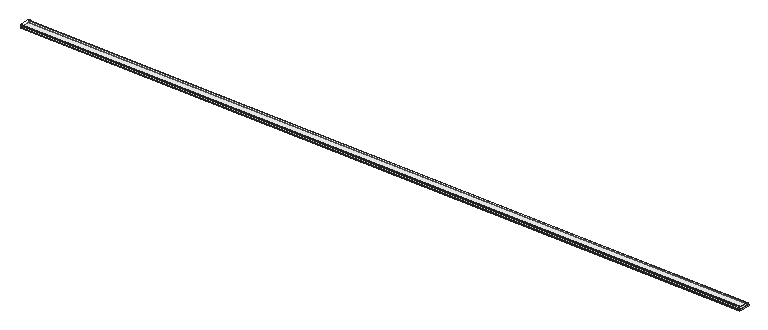
Revit family "3036975 Feilo Sylvania Lighting Fixture LUMISTRIP HO IP65 5M NW", category Lighting Fixtures, host Face, Revit 2017
Family settings
  Host = Face
  Round Connector Dimension = Use Diameter
  Part Type = Normal
  OmniClass Number = 23.80.70.00
  OmniClass Title = Lighting
  Cut with Voids When Loaded = No
  Light Source = Yes
  Shared = No
  Room Calculation Point = No
Parameters (values of type "3036975 LUMISTRIP HO IP65 1M NW ")
  Width_FEILO = 14 mm
  Weight = "4.815 kg"
  Wattage Comments = "n/a"
  Wattage = 82 W
  WarrantyStartDate [instance] = "n/a"
  WarrantyGuarantorParts = "n/a"
  WarrantyDurationUnit = "n/a"
  WarrantyDurationParts = "n/a"
  WarrantyDescription = "n/a"
  built-in parameter 1150110 = 1 (stored number, unit not read)
  Voltage = 24 V
  URL = "http://www.sylvania-lighting.com"
  TypeName = "LUMISTRIP HO IP65 5M NW"
  Type Image = <None>
  Type Comments = "n/a"
  built-in parameter 1114217 = 1 (stored number, unit not read)
  Tilt Angle = -90.00°
  built-in parameter 1150109 = 1 (stored number, unit not read)
  built-in parameter 1150134 = 12
  built-in parameter 1150113 = 1 (stored number, unit not read)
  SerialNumber [instance] = "n/a"
  Radius_FEILO = 0.5 mm
  PowerFactor = 0
  PowerConsumption = "82 W"
  Photometric Web File = "3036975.ies"
  NominalLength = 5000 mm
  NominalHeight = 4 mm
  NominalDepth = 14 mm
  Name = "LUMISTRIP HO IP65 5M NW"
  ModelReference = Name  # "LUMISTRIP HO IP65 5M NW"
  ModelNumber = "3036975"
  Model = Name  # "LUMISTRIP HO IP65 5M NW"
  Material_4_FEILO = none
  Material_3_FEILO = Diffuser-Sylvania-Lumistrip-Transparent
  Material_2_FEILO = Body-Sylvania-Lumistrip-Aluminium
  Material_1_FEILO = LED-Sylvania-Lumistrip
  Material = "silicon housing, silicon diffuser"
  ManufacturerName = "Feilo Sylvania"
  Manufacturer = "Feilo Sylvania"
  LuminousEfficacy = "85.60 lm/W"
  built-in parameter 1150105 = 558.63 (stored number, unit not read)
  Lumens = 7020 lm
  LuminaireType = ""
  built-in parameter 1150115 = 1 (stored number, unit not read)
  LightOutputRatio = "100"
  built-in parameter 1150137 = (empty or 0)
  built-in parameter 1150139 = (empty or 0)
  Length_FEILO = 1000 mm
  LampsType = Lamp  # "LED"
  LampNominalLuminous = "7020 lm"
  LampMacAdamStep = "n/a"
  LampColourTemperature = "4000 K"
  LampColourRenderingIndex = "0"
  built-in parameter 1150112 = 1 (stored number, unit not read)
  built-in parameter 1150114 = 1 (stored number, unit not read)
  Lamp = "LED"
  Keynote = "16500"
  InstallationDate [instance] = "n/a"
  InputVoltage = "24V DC"
  InputNominalFrequency = "n/a"
  built-in parameter 1150132 = (empty or 0)
  built-in parameter 1150102 = (empty or 0)
  built-in parameter 1150107 = 4000 (stored number, unit not read)
  built-in parameter 1150138 = (empty or 0)
  IngressProtection = "IP65"
  ImpactProtectionIndex = "n/a"
  built-in parameter 1150106 = 5.5863 (stored number, unit not read)
  IfcExportType = "IfcLightFixtureType"
  IfcExportAs = "IfcLightFixtureType"
  Height_FEILO = 4 mm
  ExpectedLife = 50000
  Emit from Rectangle Width = Width_FEILO  # 14 mm
  Emit from Rectangle Length = Length_FEILO  # 1000 mm
  Emit Shape Visible in Rendering = no
  ElectricShockClassification = "Class III"
  built-in parameter 1150104 = 7.9534 (stored number, unit not read)
  DurationUnit = "hours"
  DocumentationLiterature = "http://www.sylvania-lighting.com/product/en-int/products/3036975"
  DimmingControlOptions = "n/a"
  Dimming Lamp Color Temperature Shift = <None>
  Description = "5 metre high output neutral white IP65 silicon sleeved LED reel supplied with 25 x 200mm clear polycarbonate mounting strips which is pre-attached with 3M adhesive tape and 10 end caps, 7020 lumens, 82W, 86lm/W, 24V, 4000K, IP65, 40,000hrs (L70), (LxWxD) 5000x14x4mm"
  Default Elevation = 1219.2 mm
  CreatedOn = "2/21/2018"
  CreatedBy = ""
  Cost = 0
  Color Filter = 16777215
  built-in parameter 1114216 [instance] = (empty or 0)
  ClassificationValue = "EF_70_80"
  ClassificationName = "Uniclass2015"
  BarCode [instance] = "n/a"
  built-in parameter 1114218 = 1 (stored number, unit not read)
  built-in parameter 1150133 = 10 (stored number, unit not read)
  AssetType = "Fixed"
  AssetIdentifier [instance] = "n/a"
  Assembly Code = "D5020200"
  Apparent Load = 82 VA
Types (5, lengths in mm): name | Length_FEILO | Emit from Rectangle Length
  3036975 LUMISTRIP HO IP65 1M NW | 1000 | 1000
  3036975 LUMISTRIP HO IP65 500MM NW | 500 | 500
  3036975 LUMISTRIP HO IP65 100MM NW | 100 | 100
  3036975 LUMISTRIP HO IP65 50MM NW | 50 | 50
  3036975 LUMISTRIP HO IP65 20MM NW | 20 | 20
Reference planes
  plane 1 "Center (Front/Back)": y = 0
  plane 2: z = 0
  plane 3 "Center (Left/Right)": x = 0
  plane 4: x = 1000
  plane 5: y = 7
  plane 6: y = -7
  plane 7: z = 4
  plane 8: z = 1
  plane 9: y = -6.5
  plane 10: y = 6.5
  plane 11: z = 3.5
  plane 12: x = 500
Forms (mm)
  Extrusion 1, solid, material "Body-Sylvania-Lumistrip-Aluminium" <- "Material_2_FEILO"
    sketch origin (0, 0, 0) x (0, 1, 0) y (0, 0, 1)
      loop
        line (-7, 0) -> (7, 0) -> (7, 1) -> (-7, 1) -> (-7, 0)
    from 0 to 1000
  Extrusion 2, solid, material "Diffuser-Sylvania-Lumistrip-Transparent" <- "Material_3_FEILO"
    sketch origin (0, 0, 0) x (0, 1, 0) y (0, 0, 1)
      loop
        line (-7, 1) -> (7, 1) -> (7, 3.5)
        arc (7, 3.5) -> (6.854, 3.854) -> (6.5, 4) r 0.5
        line (6.5, 4) -> (-6.5, 4)
        arc (-6.5, 4) -> (-6.854, 3.854) -> (-7, 3.5) r 0.5
        line (-7, 3.5) -> (-7, 1)
    from 0 to 1000
Dimensions and locks
  "Length_FEILO": plane 3 "Center (Left/Right)" to plane 4
  equal spacing: plane 6, plane 1 "Center (Front/Back)", plane 5
  "Width_FEILO": plane 6 to plane 5
  "Height_FEILO": plane 7 to plane 2
  locked: plane 8 to plane 2 at 1
  equal spacing: plane 9, plane 1 "Center (Front/Back)", plane 10
  "Radius_FEILO": plane 6 to plane 9
  "Radius_FEILO": plane 11 to plane 7
  equal spacing: plane 3 "Center (Left/Right)", plane 12, plane 4
  aligned and locked: plane 2 to host face
  aligned and locked: level to host face
  aligned and locked: Extrusion 1 sketch curve to level
  aligned and locked: plane 6 to Extrusion 1 sketch curve
  aligned and locked: Extrusion 1 sketch curve to plane 8
  aligned and locked: Extrusion 1 sketch curve to plane 5
  aligned and locked: Extrusion 1 to plane 3 "Center (Left/Right)"
  aligned and locked: plane 4 to Extrusion 1
  aligned and locked: Extrusion 1 to Extrusion 2 sketch curve  (x2)
  aligned and locked: Extrusion 2 sketch curve to Extrusion 1  (x2)
  aligned and locked: plane 10 to Extrusion 2 sketch curve  (x2)
  aligned and locked: Extrusion 2 sketch curve to plane 7
  aligned and locked: plane 11 to Extrusion 2 sketch curve  (x3)
  aligned and locked: plane 9 to Extrusion 2 sketch curve
  aligned and locked: Extrusion 2 to plane 3 "Center (Left/Right)"
  aligned and locked: plane 4 to Extrusion 2
  aligned and locked: plane 12 to imposter light
  aligned and locked: imposter light to plane 7
  aligned and locked: imposter light to plane 1 "Center (Front/Back)"
Automatic sketch dimensions
  host sketch curve to host sketch curve = 2438.4 mm  (x2)
Connectors
  electrical at (0, 0, 0), driven by "Apparent Load", driven by "PowerFactor", driven by "Voltage"
    settings: index 1, voltage 24 V, apparent load 82 VA, apparent load phase1 0 VA, apparent load phase2 0 VA, apparent load phase3 0 VA, power factor 0, load classification "Lighting", number of poles 1, system type 30, power factor state 1, is connector primary yes, connector utility no, sub classification motor no, connector description ""
